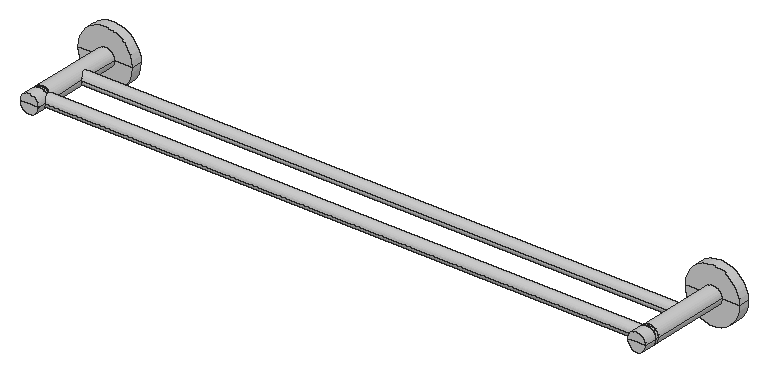
Revit family "Reece_Accessory_GROHE_Essentials_Double Towel Rail_600 mm", category Plumbing Fixtures, Revit 2018
Family settings
  Round Connector Dimension = Use Diameter
  Part Type = Normal
  Work Plane-Based = Yes
  Always vertical = Yes
  Cut with Voids When Loaded = Yes
  Shared = Yes
  Room Calculation Point = Yes
Parameters (values of type "Brushed Nickel")
  URL = "https://www.reece.com.au/product/-9508755"
  Type Comments = "Accessory"
  Reece_Product_Web Page = "https://www.reece.com.au/product/-9508755"
  Reece_Product_Type = "Accessory"  # constant formula
  Reece_Product_Sub Brand = "Essentials"  # constant formula
  Reece_Product_Number = "9508755"
  Reece_Product_Mount = "Wall Mounted"
  Reece_Product_Description = "GROHE Essentials Accessories Double Towel Rail 600mm Brushed Nickel"
  Reece_Product_Brand = "GROHE"  # constant formula
  Reece_Overall_Width = 654 mm  # constant formula
  Reece_Overall_Height = 54 mm  # constant formula
  Reece_Material_Main = Reece_Brass_Brushed Nickel
  Reece_Height_From_Level [instance] = 1000 mm
  Reece_Detail_Shape = ""
  Reece_Detail_Installation = ""
  Reece_Detail_Disclaimer = "THIS FILE IS THE PROPERTY OF THE REECE GROUP. IT MAY NOT BE REPRODUCED, REVERSE-ENGINEERED OR MODIFIED. ANY REPUBLICATION, TRANSMISSION OR DISTRIBUTION FOR THE PURPOSE OF COMMERCIALLY EXPLOITING THE FILES IS PROHIBITED."  # constant formula
  Reece_Detail_Connector = ""
  Reece_Detail_Additional = ""
  Reece_Accessory_Projection = 104 mm  # constant formula
  Model = "Essentials"
  Manufacturer = "GROHE"
  Keynote = "Product #9508755, Reece_Accessory_GROHE_Essentials_Double Towel Rail_600 mm - Brushed Nickel"
  Disclaimer = "THIS FILE IS THE PROPERTY OF THE REECE GROUP. IT MAY NOT BE REPRODUCED, REVERSE-ENGINEERED OR MODIFIED. ANY REPUBLICATION, TRANSMISSION OR DISTRIBUTION FOR THE PURPOSE OF COMMERCIALLY EXPLOITING THE FILES IS PROHIBITED."  # constant formula
  Description = "GROHE Essentials Accessories Double Towel Rail 600mm Brushed Nickel"
  Default Elevation = 0 mm
Types (5, lengths in mm): name | URL | Reece_Product_Web Page | Reece_Product_Number | Reece_Product_Description | Reece_Material_Main | Keynote | Description
  (no name) | "https://www.reece.com.au/product/-9508755" | "https://www.reece.com.au/product/-9508755" | "9508755" | "GROHE Essentials Accessories Double Towel Rail 600mm Brushed Nickel" | Reece_Brass_Brushed Nickel | "Product #9508755, Reece_Accessory_GROHE_Essentials_Double Towel Rail_600 mm -  " | "GROHE Essentials Accessories Double Towel Rail 600mm Brushed Nickel"
  Chrome | "https://www.reece.com.au/product/-9506969" | "https://www.reece.com.au/product/-9506969" | "9506969" | "GROHE Essentials Accessories Double Towel Rail 600mm Chrome" | Reece_Brass_Chrome | "Product #9506969, Reece_Accessory_GROHE_Essentials_Double Towel Rail_600 mm - Chrome" | "GROHE Essentials Accessories Double Towel Rail 600mm Chrome"
  Brushed Cool Sunrise | "https://www.reece.com.au/product/-9508757" | "https://www.reece.com.au/product/-9508757" | "9508757" | "GROHE Essentials Accessories Double Towel Rail 600mm Brushed Cool Sunrise" | Reece_Metal_Brushed_Cool Sunrise | "Product #9508757, Reece_Accessory_GROHE_Essentials_Double Towel Rail_600 mm - Brushed Cool Sunrise" | "GROHE Essentials Accessories Double Towel Rail 600mm Brushed Cool Sunrise"
  Brushed Nickel | "https://www.reece.com.au/product/-9508755" | "https://www.reece.com.au/product/-9508755" | "9508755" | "GROHE Essentials Accessories Double Towel Rail 600mm Brushed Nickel" | Reece_Brass_Brushed Nickel | "Product #9508755, Reece_Accessory_GROHE_Essentials_Double Towel Rail_600 mm - Brushed Nickel" | "GROHE Essentials Accessories Double Towel Rail 600mm Brushed Nickel"
  Hard Graphite | "https://www.reece.com.au/product/-9508756" | "https://www.reece.com.au/product/-9508756" | "9508756" | "GROHE Essentials Accessories Double Towel Rail 600mm Hard Graphite" | Reece_Metal_Hard Graphite | "Product #9508756, Reece_Accessory_GROHE_Essentials_Double Towel Rail_600 mm - Hard Graphite" | "GROHE Essentials Accessories Double Towel Rail 600mm Hard Graphite"
Reference planes
  plane 1 "Center (Front/Back)": y = 0
  plane 2 "Bottom Host Plane": z = -5
  plane 3 "Center (Left/Right)": x = 0
  plane 4 "Fixing Point": z = 1000
  plane 5: x = 300
  plane 6: x = -300
  plane 7: x = -327
  plane 8: x = 327
  plane 9: y = -104
  plane 10: z = 1027
  plane 11: z = 973
Forms (mm)
  Revolve 1, solid, material "Reece_Brass_Brushed Nickel" <- "Reece_Material_Main"
    sketch origin (0, 0, 1000) x (0, -1, 0) y (1, 0, 0)
      loop
        line (0, 300) -> (104, 300) -> (104, 308.9) -> (92, 308.9) -> (92, 308.1) -> (91, 308.1) -> (91, 308.9) -> (89, 308.9) -> (89, 308.1) -> (88, 308.1) -> (88, 308.9) -> (10, 308.9) -> (10, 327) -> (0, 327) -> (0, 300)
      axis (0, 300) -> (104, 300)
    angle from 0 to 360
  Revolve 2, solid, material "Reece_Brass_Brushed Nickel" <- "Reece_Material_Main"
    sketch origin (0, 0, 1000) x (0, -1, 0) y (1, 0, 0)
      loop
        line (0, -300) -> (0, -327) -> (10, -327) -> (10, -308.9) -> (88, -308.9) -> (88, -308.1) -> (89, -308.1) -> (89, -308.9) -> (91, -308.9) -> (91, -308.1) -> (92, -308.1) -> (92, -308.9) -> (104, -308.9) -> (104, -300) -> (0, -300)
      axis (0, -300) -> (104, -300)
    angle from 0 to 360
  Extrusion 3, solid, material "Reece_Brass_Brushed Nickel" <- "Reece_Material_Main"
    sketch origin (0, 0, 0) x (0, 1, 0) y (0, 0, 1)
      loop
        circle (-45, 1000) r 6
    from -300 to 300
  Extrusion 4, solid, material "Reece_Brass_Brushed Nickel" <- "Reece_Material_Main"
    sketch origin (0, 0, 0) x (0, 1, 0) y (0, 0, 1)
      loop
        circle (-90, 1000) r 6
    from -300 to 300
Cuts and joins
  joined: Revolve 1, Revolve 2, Extrusion 3, Extrusion 4
Lines and regions (mm)
  model lines, style "InvisibleLines"
    curve 1: line (0, 0, -5) -> (0, 0, 1000)
Text (mm)
  text "Reece ©" at (2649.672, -2362.931, 3004.21), in view "Reece Preview"
  text "Reece ©" at (189.535, -172.955, -1020.679), in view "Ref. Level"
Dimensions and locks
  locked: plane 2 "Bottom Host Plane" to level at 5
  "Reece_Height_From_Level": plane 4 "Fixing Point" to level
  "Reece_Overall_Width": plane 7 to plane 8
  "Reece_Accessory_Projection": plane 1 "Center (Front/Back)" to plane 9
  "Reece_Overall_Height": plane 10 to plane 11
  locked: plane 11 to plane 4 "Fixing Point" at 27
  aligned and locked: plane 4 "Fixing Point" to curve 1
Automatic sketch dimensions
  curve 1 to plane 3 "Center (Left/Right)" = 0 mm
  curve 1 to plane 2 "Bottom Host Plane" = 0 mm
  plane 4 "Fixing Point" to Extrusion 3 sketch curve = 0 mm
  plane 4 "Fixing Point" to Extrusion 4 sketch curve = 0 mm
  Revolve 2 sketch curve to plane 6 = 0 mm  (x2)
  plane 1 "Center (Front/Back)" to Revolve 2 sketch curve = 0 mm
  Revolve 2 sketch curve to plane 7 = 0 mm
  Revolve 2 sketch curve to plane 9 = 0 mm
  plane 1 "Center (Front/Back)" to Revolve 2 sketch curve = 10 mm
  Revolve 2 sketch curve to Revolve 2 sketch curve = 1 mm  (x2)
  plane 6 to Revolve 2 sketch curve = 8.9 mm  (x2)
  Revolve 2 sketch curve to Revolve 2 sketch curve = 0 mm
  Revolve 2 sketch curve to Revolve 2 sketch curve = 0.8 mm  (x2)
  Revolve 2 sketch curve to plane 1 "Center (Front/Back)" = 15 mm
  Revolve 2 sketch curve to Revolve 2 sketch curve = 11 mm
  Revolve 1 sketch curve to plane 5 = 0 mm  (x2)
  plane 1 "Center (Front/Back)" to Revolve 1 sketch curve = 0 mm
  Revolve 1 sketch curve to plane 8 = 0 mm
  Revolve 1 sketch curve to plane 9 = 0 mm
  plane 1 "Center (Front/Back)" to Revolve 1 sketch curve = 10 mm
  Revolve 1 sketch curve to Revolve 1 sketch curve = 1 mm  (x2)
  plane 5 to Revolve 1 sketch curve = 8.1 mm
  Revolve 1 sketch curve to Revolve 1 sketch curve = 0 mm
  Revolve 1 sketch curve to Revolve 1 sketch curve = 0.8 mm  (x3)
  Revolve 1 sketch curve to plane 1 "Center (Front/Back)" = 15 mm
  Revolve 1 sketch curve to Revolve 1 sketch curve = 11 mm
  plane 1 "Center (Front/Back)" to Extrusion 3 sketch curve = 45 mm
  plane 9 to Revolve 1 sketch curve = 16 mm
  Revolve 1 sketch curve to Revolve 1 sketch curve = 2 mm
  plane 9 to Revolve 2 sketch curve = 16 mm
  Revolve 2 sketch curve to Revolve 2 sketch curve = 2 mm
  plane 9 to Extrusion 4 sketch curve = 14 mm
  radius of Extrusion 3 sketch curve = 6 mm
  radius of Extrusion 4 sketch curve = 6 mm
